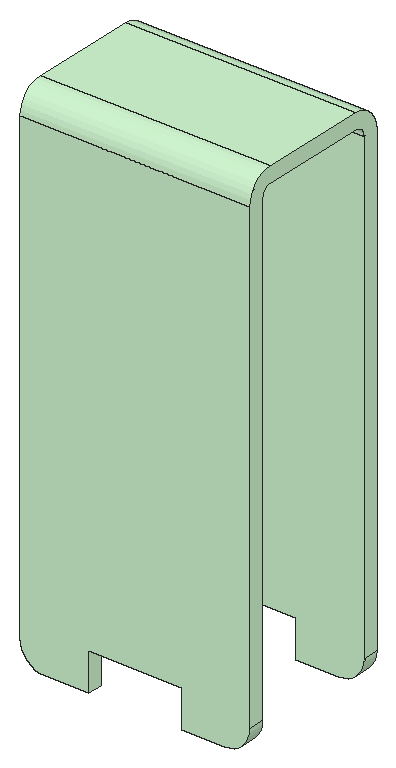
Revit family "spacer_ctclip_s", category 機械設備, Revit 2022
Family settings
  丸型コネクタ寸法 = 直径を使用
  種別 = なし
  パーツ タイプ = 標準
  作業面ベース = いいえ
  常に垂直 = はい
  ロード時にボイドで切り取り = いいえ
  注釈の向きを維持 = いいえ
  共有 = いいえ
  部屋計算ポイント = いいえ
Parameters
  製造元 = "株式会社桐井製作所"
  既定の高さ = 0 mm
  URL = "https://www.kirii.co.jp/"
  K_材質 = "溶融亜鉛めっき鋼板及び鋼帯 SGCC 一般用"
  K_品名 = "CTクリップ用Sスペーサー"
  K_名称 = "スペーサー"
  K_入数 = "1200"
  K_バージョン情報 = "20220411"
  K_めっき付着量 = "Z12"
  K_JIS規格 = "JIS G 3302"
Reference planes
  plane 1 "中心(正面/背面)": y = 0
  plane 2: z = 0
  plane 3 "中心(左/右)": x = 0
Forms (mm)
  Extrusion 1, solid
    sketch origin (0, 0, 0) x (0, 1, 0) y (0, 0, 1)
      loop
        line (-4.25, 36.8) -> (4.25, 36.8)
        arc (4.25, 36.8) -> (4.816, 36.566) -> (5.05, 36) r 0.8
        line (5.05, 36) -> (5.05, -3) -> (6.25, -3) -> (6.25, 36)
        arc (6.25, 36) -> (5.664, 37.414) -> (4.25, 38) r 2
        line (4.25, 38) -> (-4.25, 38)
        arc (-4.25, 38) -> (-5.664, 37.414) -> (-6.25, 36) r 2
        line (-6.25, 36) -> (-6.25, -3) -> (-5.05, -3) -> (-5.05, 36)
        arc (-5.05, 36) -> (-4.816, 36.566) -> (-4.25, 36.8) r 0.8
    from -9.1 to 9.1
  Extrusion 2, void
    sketch origin (0, 0, 0) x (1, 0, 0) y (0, 0, 1)
      loop
        line (-9.1, -1) -> (-9.1, -3) -> (-7.1, -3)
        arc (-7.1, -3) -> (-8.514, -2.414) -> (-9.1, -1) r 2
    from -6.25 to -5.05
  Extrusion 3, void
    sketch origin (0, 0, 0) x (-1, 0, 0) y (0, 0, -1)
      loop
        arc (-9.1, 1) -> (-8.514, 2.414) -> (-7.1, 3) r 2
        line (-7.1, 3) -> (-9.1, 3) -> (-9.1, 1)
    from -6.25 to -5.05
  Extrusion 4, void
    sketch origin (0, 0, 0) x (1, 0, 0) y (0, 0, -1)
      loop
        arc (-9.1, 1) -> (-8.514, 2.414) -> (-7.1, 3) r 2
        line (-7.1, 3) -> (-9.1, 3) -> (-9.1, 1)
    from -6.25 to -5.05
  Extrusion 5, void
    sketch origin (0, 0, 0) x (-1, 0, 0) y (0, 0, 1)
      loop
        line (-9.1, -1) -> (-9.1, -3) -> (-7.1, -3)
        arc (-7.1, -3) -> (-8.514, -2.414) -> (-9.1, -1) r 2
    from -6.25 to -5.05
  Extrusion 6, void
    sketch origin (0, 0, 0) x (1, 0, 0) y (0, 0, 1)
      loop
        line (-3.7, -3) -> (3.7, -3) -> (3.7, 0) -> (-3.7, 0) -> (-3.7, -3)
    from -6.25 to -5.05
  Extrusion 7, void
    sketch origin (0, -11.3, 0) x (1, 0, 0) y (0, 0, 1)
      loop
        line (-3.7, -3) -> (3.7, -3) -> (3.7, 0) -> (-3.7, 0) -> (-3.7, -3)
    from -6.25 to -5.05
Cuts and joins
  Extrusion 2, Extrusion 3, Extrusion 4, Extrusion 5, Extrusion 6, Extrusion 7 cuts Extrusion 1
Dimensions and locks
  aligned and locked: level to plane 2
